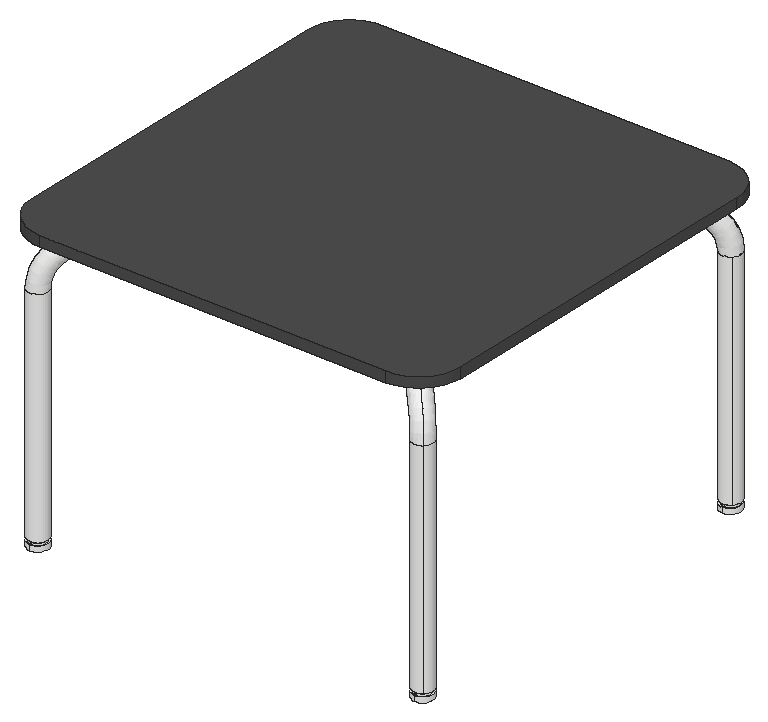
Revit family "Table-Teknion-CQTMS_Routes_Square_Meeting_Table-R2018", category Furniture, Revit 2018
Family settings
  OmniClass Number = 23.40.20.00
  OmniClass Title = General Furniture and Specialties
  Work Plane-Based = No
  Always vertical = Yes
  Cut with Voids When Loaded = No
  Shared = Yes
  Room Calculation Point = No
Parameters (values of type "42"d x 42"w")
  Warranty = "http://www.teknion.com/ca/papers/legal-canada"
  Unit Weight URL = "http://www.teknion.com/ca/tools/assets#&asset=bee6a381-b954-425e-8283-5a2de3a804f2,f828d448-4b62-4231-9e5f-9a8991c0ed77"
  URL = "www.teknion.com"
  To render please download texture images found here [instance] = "https://assets.teknion.com/web/5e81352c1dfdb467/revit-material-swatches/"
  Sustainability Data = "https://www.teknion.com/ca/tools/assets#&topic=216f99a5-57a0-44fc-b10a-9dee9b29ae4c&asset=444deb64-fe58-4b68-981e-f75e97781df7,b4ff2d81-9f2e-437d-9659-7cffb09c31cf"
  Surface Finish [instance] = Foundation Laminate-Teknion-6K-Matte-Black
  Series = "Routes"  # constant formula
  Product Page URL = "https://www.teknion.com/ca/products/all-products"
  Product Line = "Routes"  # constant formula
  Product Documentation Link = "https://assets.teknion.com/m/72af4764f50e983c/original/Routes-Reference-Guide.pdf"
  Part Number = "CQTMS"  # constant formula
  Model = "CQTMS4242"
  Manufacturer Phone = "416-661-3370"  # constant formula
  Manufacturer Fax = "416.661.4586"  # constant formula
  Manufacturer Contact Information = "http://www.teknion.com/ca/contactus"
  Manufacturer Address = "1150 Flint Road, Toronto, ON. M3J 2J5. Canada"  # constant formula
  Manufacturer = "Teknion"  # constant formula
  How To Use Teknion Materials User Guide [instance] = "https://assets.teknion.com/m/205dd0a49fa58060/original/How-to-add-a-Material-Library-and-Texture-Images-to-your-Revit-project.pdf"
  Frame Finish [instance] = Paint - Teknion - Mica - Very White
  For Additional Finishes please visit [instance] = "https://assets.teknion.com/m/44a8009b046e5d47/original/Teknion_Materials_Library.zip"
  Description = "Routes Square Meeting Table, 42\" Depth, 42\" Width"
  Assembly Code = "E2020200"
Reference planes (in)
  plane 1 "Center Front/Back": y = 0
  plane 2: z = 0
  plane 3 "Center Left/Right": x = 0
  plane 4 "Left": x = -21.1
  plane 5 "Right": x = 21.1
  plane 6 "Back": y = 21.1
  plane 7 "Front": y = -21.1
  plane 8 "Top": z = 29
  plane 9 "Leg Plane": through (-19.64876, -19.65151, 48) normal (-0.7071, 0.7071, 0)
Forms (in)
  Sweep 1, solid, material "Foundation Laminate-Teknion-6K-Matte-Black" <- "Surface Finish"
    path origin (0, 0, 0) x (1, 0, 0) y (0, 0, 1)
      loop
        line (0, 29) -> (0, 28)
    profile origin (0, 0, 28.5) x (0, -1, 0) y (1, 0, 0)
      loop
        line (-17, -21.1) -> (17, -21.1)
        arc (17, -21.1) -> (19.89914, -19.89914) -> (21.1, -17) r 4.1
        line (21.1, -17) -> (21.1, 17)
        arc (21.1, 17) -> (19.89914, 19.89914) -> (17, 21.1) r 4.1
        line (17, 21.1) -> (-17, 21.1)
        arc (-17, 21.1) -> (-19.89914, 19.89914) -> (-21.1, 17) r 4.1
        line (-21.1, 17) -> (-21.1, -17)
        arc (-21.1, -17) -> (-19.89914, -19.89914) -> (-17, -21.1) r 4.1
  Sweep 2, solid, material "Paint - Teknion - Mica - Very White" <- "Frame Finish"
    path origin (0.00138, -0.00138, 0) x (-0.707107, -0.707107, 0) y (0, 0, 1)
      loop
        arc (26.79163, 22.75) -> (25.62006, 25.57843) -> (22.79163, 26.75) r 4
        line (22.79163, 26.75) -> (4.00007, 26.75)
    profile origin (-9.47092, -9.47367, 26.75) x (0, 0, -1) y (-0.707107, 0.707107, 0)
      loop
        circle (0, 0.00442) r 0.97549
  Sweep 3, solid, material "Paint - Teknion - Mica - Very White" <- "Frame Finish"
    path in 3D
      loop
        line (-13.14273, 11.72852, 26.75) -> (-3.53558, 2.12137, 26.75)
        arc (-3.53558, 2.12137, 26.75) -> (-2.88527, 1.1481, 26.75) -> (-2.6569, 0.00005, 26.75) r 3
        arc (-2.6569, 0.00005, 26.75) -> (-2.88527, -1.1481, 26.75) -> (-3.53558, -2.12137, 26.75) r 3
    profile origin (-8.33916, 6.92494, 26.75) x (0, 0, 1) y (-0.707107, -0.707107, 0)
      loop
        circle (0, -1.00058) r 1
  Sweep 4, solid, material "Paint - Teknion - Mica - Very White" <- "Frame Finish"
    path in 3D
      loop
        arc (-19.57866, 18.28214, 22.75) -> (-18.75438, 17.45785, 25.56428) -> (-16.76438, 15.46785, 26.73) r 3.98
        line (-16.76438, 15.46785, 26.73) -> (-13.11217, 11.81565, 26.73)
    profile origin (-14.93828, 13.64175, 26.73) x (0.015422, 0.015422, -0.999762) y (0.706939, 0.706939, 0.02181)
      loop
        circle (0.00001, 0.91758) r 1
  Sweep 5, solid, material "Paint - Teknion - Mica - Very White" <- "Frame Finish"
    path in 3D
      loop
        line (-19.60695, 18.31042, 22.75) -> (-19.60695, 18.31042, 0.875)
    profile origin (-19.60695, 18.31042, 11.8125) x (0.722361, 0.691516, 0) y (-0.691516, 0.722361, 0)
      loop
        circle (0.9177, 0) r 0.9999
  Sweep 6, solid, material "Paint - Teknion - Mica - Very White" <- "Frame Finish"
    path in 3D
      loop
        line (18.23744, -19.65165, 0.875) -> (18.23744, -19.65165, 22.75)
    profile origin (18.23744, -19.65165, 11.8125) x (-0.707107, 0.707107, 0) y (-0.707107, -0.707107, 0)
      loop
        circle (0, -1.00247) r 0.97549
  Sweep 7, solid, material "Paint - Teknion - Mica - Very White" <- "Frame Finish"
    path origin (-0.00138, -0.00138, 0) x (0.707107, -0.707107, 0) y (0, 0, -1)
      loop
        arc (26.79163, -22.75) -> (25.62006, -25.57843) -> (22.79163, -26.75) r 4
        line (22.79163, -26.75) -> (4.00007, -26.75)
    profile origin (9.47092, -9.47367, 26.75) x (0, 0, 1) y (0.707107, 0.707107, 0)
      loop
        circle (0, 0.00136) r 1
  Sweep 8, solid, material "Paint - Teknion - Mica - Very White" <- "Frame Finish"
    path in 3D
      loop
        line (13.17102, 11.7568, 26.75) -> (3.53558, 2.12137, 26.75)
        arc (3.53558, 2.12137, 26.75) -> (2.88527, 1.1481, 26.75) -> (2.6569, 0.00005, 26.75) r 3
        arc (2.6569, 0.00005, 26.75) -> (2.88527, -1.1481, 26.75) -> (3.53558, -2.12137, 26.75) r 3
    profile origin (8.3533, 6.93909, 26.75) x (0, 0, -1) y (0.707107, -0.707107, 0)
      loop
        circle (0, -1.00058) r 1
  Sweep 9, solid, material "Paint - Teknion - Mica - Very White" <- "Frame Finish"
    path in 3D
      loop
        arc (19.57866, 18.28214, 22.75) -> (18.75438, 17.45785, 25.56428) -> (16.76438, 15.46785, 26.73) r 3.98
        line (16.76438, 15.46785, 26.73) -> (13.11217, 11.81565, 26.73)
    profile origin (14.93828, 13.64175, 26.73) x (0.015422, -0.015422, 0.999762) y (-0.706939, 0.706939, 0.02181)
      loop
        circle (-0.00001, 0.91758) r 1
  Sweep 10, solid, material "Paint - Teknion - Mica - Very White" <- "Frame Finish"
    path in 3D
      loop
        line (19.60695, 18.31042, 22.75) -> (19.60695, 18.31042, 0.875)
    profile origin (19.60695, 18.31042, 11.8125) x (-0.722361, 0.691516, 0) y (-0.691516, -0.722361, 0)
      loop
        circle (0.9177, 0) r 0.9999
  Sweep 11, solid, material "Paint - Teknion - Mica - Very White" <- "Frame Finish"
    path origin (0, 0, 0) x (1, 0, 0) y (0, 0, 1)
      loop
        line (0, 27.5) -> (0, 28)
    profile origin (0, 0, 27.75) x (-1, 0, 0) y (0, -1, 0)
      loop
        line (2.4069, -0.875) -> (2.4069, 0.875) -> (0.06315, 0.875) -> (0.06315, -0.875) -> (2.4069, -0.875)
      loop
        line (-2.4069, 0.875) -> (-2.4069, -0.875) -> (-0.06315, -0.875) -> (-0.06315, 0.875) -> (-2.4069, 0.875)
  SweptBlend 12, solid, material "Paint - Teknion - Mica - Very White" <- "Frame Finish"
    path origin (0, 0, 0) x (1, 0, 0) y (0, 0, 1)
      loop
        line (-14.63621, 27) -> (-14.63621, 27.66815)
    profile origin (-14.63621, 0, 27) x (-1, 0, 0) y (0, -1, 0)
      loop
        line (0.72867, -16.31947) -> (1.68327, -15.36488)
        arc (1.68327, -15.36488) -> (1.75649, -15.1881) -> (1.68327, -15.01133) r 0.25
        line (1.68327, -15.01133) -> (-0.37512, -12.95294)
        arc (-0.37512, -12.95294) -> (-0.5519, -12.87971) -> (-0.72867, -12.95294) r 0.25
        line (-0.72867, -12.95294) -> (-1.68327, -13.90753)
        arc (-1.68327, -13.90753) -> (-1.75649, -14.08431) -> (-1.68327, -14.26109) r 0.25
        line (-1.68327, -14.26109) -> (0.37512, -16.31947)
        arc (0.37512, -16.31947) -> (0.5519, -16.3927) -> (0.72867, -16.31947) r 0.25
    end profile origin (-14.63621, 0, 27.66815) x (-1, 0, 0) y (0, -1, 0)
      loop
        arc (3.06213, -15.04668) -> (3.2818, -14.51635) -> (3.06213, -13.98602) r 0.75
        line (3.06213, -13.98602) -> (0.65018, -11.57408)
        arc (0.65018, -11.57408) -> (0.11985, -11.35441) -> (-0.41048, -11.57408) r 0.75
        line (-0.41048, -11.57408) -> (-3.06213, -14.22573)
        arc (-3.06213, -14.22573) -> (-3.2818, -14.75606) -> (-3.06213, -15.28639) r 0.75
        line (-3.06213, -15.28639) -> (-0.65018, -17.69833)
        arc (-0.65018, -17.69833) -> (-0.11985, -17.918) -> (0.41048, -17.69833) r 0.75
        line (0.41048, -17.69833) -> (3.06213, -15.04668)
  SweptBlend 13, solid, material "Paint - Teknion - Mica - Very White" <- "Frame Finish"
    path origin (0, 0, 0) x (-1, 0, 0) y (0, 0, 1)
      loop
        line (-14.63621, 27) -> (-14.63621, 27.66815)
    profile origin (14.63621, 0, 27) x (-1, 0, 0) y (0, -1, 0)
      loop
        arc (-0.72867, -16.31947) -> (-0.5519, -16.3927) -> (-0.37512, -16.31947) r 0.25
        line (-0.37512, -16.31947) -> (1.68327, -14.26109)
        arc (1.68327, -14.26109) -> (1.75649, -14.08431) -> (1.68327, -13.90753) r 0.25
        line (1.68327, -13.90753) -> (0.72867, -12.95294)
        arc (0.72867, -12.95294) -> (0.5519, -12.87971) -> (0.37512, -12.95294) r 0.25
        line (0.37512, -12.95294) -> (-1.68327, -15.01133)
        arc (-1.68327, -15.01133) -> (-1.75649, -15.1881) -> (-1.68327, -15.36488) r 0.25
        line (-1.68327, -15.36488) -> (-0.72867, -16.31947)
    end profile origin (14.63621, 0, 27.66815) x (-1, 0, 0) y (0, -1, 0)
      loop
        line (-3.06213, -15.04668) -> (-0.41048, -17.69833)
        arc (-0.41048, -17.69833) -> (0.11985, -17.918) -> (0.65018, -17.69833) r 0.75
        line (0.65018, -17.69833) -> (3.06213, -15.28639)
        arc (3.06213, -15.28639) -> (3.2818, -14.75606) -> (3.06213, -14.22573) r 0.75
        line (3.06213, -14.22573) -> (0.41048, -11.57408)
        arc (0.41048, -11.57408) -> (-0.11985, -11.35441) -> (-0.65018, -11.57408) r 0.75
        line (-0.65018, -11.57408) -> (-3.06213, -13.98602)
        arc (-3.06213, -13.98602) -> (-3.2818, -14.51635) -> (-3.06213, -15.04668) r 0.75
  SweptBlend 14, solid, material "Paint - Teknion - Mica - Very White" <- "Frame Finish"
    path origin (0, 0, 0) x (1, 0, 0) y (0, 0, -1)
      loop
        line (-14.63621, -27) -> (-14.63621, -27.66815)
    profile origin (-14.63621, 0, 27) x (1, 0, 0) y (0, 1, 0)
      loop
        arc (-0.72867, -16.31947) -> (-0.5519, -16.3927) -> (-0.37512, -16.31947) r 0.25
        line (-0.37512, -16.31947) -> (1.68327, -14.26109)
        arc (1.68327, -14.26109) -> (1.75649, -14.08431) -> (1.68327, -13.90753) r 0.25
        line (1.68327, -13.90753) -> (0.72867, -12.95294)
        arc (0.72867, -12.95294) -> (0.5519, -12.87971) -> (0.37512, -12.95294) r 0.25
        line (0.37512, -12.95294) -> (-1.68327, -15.01133)
        arc (-1.68327, -15.01133) -> (-1.75649, -15.1881) -> (-1.68327, -15.36488) r 0.25
        line (-1.68327, -15.36488) -> (-0.72867, -16.31947)
    end profile origin (-14.63621, 0, 27.66815) x (1, 0, 0) y (0, 1, 0)
      loop
        line (-3.06213, -15.04668) -> (-0.41048, -17.69833)
        arc (-0.41048, -17.69833) -> (0.11985, -17.918) -> (0.65018, -17.69833) r 0.75
        line (0.65018, -17.69833) -> (3.06213, -15.28639)
        arc (3.06213, -15.28639) -> (3.2818, -14.75606) -> (3.06213, -14.22573) r 0.75
        line (3.06213, -14.22573) -> (0.41048, -11.57408)
        arc (0.41048, -11.57408) -> (-0.11985, -11.35441) -> (-0.65018, -11.57408) r 0.75
        line (-0.65018, -11.57408) -> (-3.06213, -13.98602)
        arc (-3.06213, -13.98602) -> (-3.2818, -14.51635) -> (-3.06213, -15.04668) r 0.75
  SweptBlend 15, solid, material "Paint - Teknion - Mica - Very White" <- "Frame Finish"
    path origin (0, 0, 0) x (-1, 0, 0) y (0, 0, 1)
      loop
        line (-14.63621, 27) -> (-14.63621, 27.66815)
    profile origin (14.63621, 0, 27) x (1, 0, 0) y (0, 1, 0)
      loop
        line (0.72867, -16.31947) -> (1.68327, -15.36488)
        arc (1.68327, -15.36488) -> (1.75649, -15.1881) -> (1.68327, -15.01133) r 0.25
        line (1.68327, -15.01133) -> (-0.37512, -12.95294)
        arc (-0.37512, -12.95294) -> (-0.5519, -12.87971) -> (-0.72867, -12.95294) r 0.25
        line (-0.72867, -12.95294) -> (-1.68327, -13.90753)
        arc (-1.68327, -13.90753) -> (-1.75649, -14.08431) -> (-1.68327, -14.26109) r 0.25
        line (-1.68327, -14.26109) -> (0.37512, -16.31947)
        arc (0.37512, -16.31947) -> (0.5519, -16.3927) -> (0.72867, -16.31947) r 0.25
    end profile origin (14.63621, 0, 27.66815) x (1, 0, 0) y (0, 1, 0)
      loop
        arc (3.06213, -15.04668) -> (3.2818, -14.51635) -> (3.06213, -13.98602) r 0.75
        line (3.06213, -13.98602) -> (0.65018, -11.57408)
        arc (0.65018, -11.57408) -> (0.11985, -11.35441) -> (-0.41048, -11.57408) r 0.75
        line (-0.41048, -11.57408) -> (-3.06213, -14.22573)
        arc (-3.06213, -14.22573) -> (-3.2818, -14.75606) -> (-3.06213, -15.28639) r 0.75
        line (-3.06213, -15.28639) -> (-0.65018, -17.69833)
        arc (-0.65018, -17.69833) -> (-0.11985, -17.918) -> (0.41048, -17.69833) r 0.75
        line (0.41048, -17.69833) -> (3.06213, -15.04668)
  Sweep 16, solid, material "Paint - Teknion - Mica - Very White" <- "Frame Finish"
    path origin (18.94294, 0, 0) x (1, 0, 0) y (0, 0, 1)
      loop
        line (-37.88749, 0.8325) -> (-37.88749, 0.66075)
    profile origin (-18.94454, 0, 0.74662) x (0, -1, 0) y (1, 0, 0)
      loop
        circle (-18.94259, 0.0006) r 0.46956
  Sweep 17, solid, material "Paint - Teknion - Mica - Very White" <- "Frame Finish"
    path origin (18.94294, 0, 0) x (1, 0, 0) y (0, 0, 1)
      loop
        line (-37.88749, 0.53575) -> (-37.88749, 0.0625)
    profile origin (-18.94454, 0, 0.29912) x (0, -1, 0) y (1, 0, 0)
      loop
        circle (-18.94259, 0.0006) r 1
  Sweep 18, solid, material "Paint - Teknion - Mica - Very White" <- "Frame Finish"
    path origin (18.94294, 0, -0.17175) x (1, 0, 0) y (0, 0, 1)
      loop
        line (-37.88749, 0.8325) -> (-37.88749, 0.7075)
    profile origin (-18.94454, 0, 0.59825) x (0, -1, 0) y (1, 0, 0)
      loop
        circle (-18.94259, 0.0006) r 0.77651
  Sweep 19, solid, material "Paint - Teknion - Mica - Very White" <- "Frame Finish"
    path origin (18.94294, 0, -0.7075) x (1, 0, 0) y (0, 0, 1)
      loop
        line (-37.88749, 0.8325) -> (-37.88749, 0.7075)
    profile origin (-18.94454, 0, 0.0625) x (0, -1, 0) y (1, 0, 0)
      loop
        circle (-18.94259, 0.0006) r 0.84765
  Sweep 20, solid, material "Paint - Teknion - Mica - Very White" <- "Frame Finish"
    path origin (-18.94294, 0, 0) x (-1, 0, 0) y (0, 0, 1)
      loop
        line (-37.88749, 0.8325) -> (-37.88749, 0.66075)
    profile origin (18.94454, 0, 0.74662) x (0, -1, 0) y (1, 0, 0)
      loop
        circle (-18.94259, -0.0006) r 0.46956
  Sweep 21, solid, material "Paint - Teknion - Mica - Very White" <- "Frame Finish"
    path origin (-18.94294, 0, 0) x (-1, 0, 0) y (0, 0, 1)
      loop
        line (-37.88749, 0.53575) -> (-37.88749, 0.0625)
    profile origin (18.94454, 0, 0.29912) x (0, -1, 0) y (1, 0, 0)
      loop
        circle (-18.94259, -0.0006) r 1
  Sweep 22, solid, material "Paint - Teknion - Mica - Very White" <- "Frame Finish"
    path origin (-18.94294, 0, -0.17175) x (-1, 0, 0) y (0, 0, 1)
      loop
        line (-37.88749, 0.8325) -> (-37.88749, 0.7075)
    profile origin (18.94454, 0, 0.59825) x (0, -1, 0) y (1, 0, 0)
      loop
        circle (-18.94259, -0.0006) r 0.77651
  Sweep 23, solid, material "Paint - Teknion - Mica - Very White" <- "Frame Finish"
    path origin (-18.94294, 0, -0.7075) x (-1, 0, 0) y (0, 0, 1)
      loop
        line (-37.88749, 0.8325) -> (-37.88749, 0.7075)
    profile origin (18.94454, 0, 0.0625) x (0, -1, 0) y (1, 0, 0)
      loop
        circle (-18.94259, -0.0006) r 0.84765
  Sweep 24, solid, material "Paint - Teknion - Mica - Very White" <- "Frame Finish"
    path in 3D
      loop
        line (-19.60695, -18.31042, 22.75) -> (-19.60695, -18.31042, 0.875)
    profile origin (-19.60695, -18.31042, 11.8125) x (0.722361, -0.691516, 0) y (0.691516, 0.722361, 0)
      loop
        circle (0.91453, 0.00005) r 0.97549
  Sweep 25, solid, material "Paint - Teknion - Mica - Very White" <- "Frame Finish"
    path origin (18.94294, 0, 0) x (1, 0, 0) y (0, 0, -1)
      loop
        line (-37.88749, -0.8325) -> (-37.88749, -0.66075)
    profile origin (-18.94454, 0, 0.74662) x (0, 1, 0) y (-1, 0, 0)
      loop
        circle (-18.94259, -0.0006) r 0.46956
  Sweep 26, solid, material "Paint - Teknion - Mica - Very White" <- "Frame Finish"
    path origin (18.94294, 0, 0) x (1, 0, 0) y (0, 0, -1)
      loop
        line (-37.88749, -0.53575) -> (-37.88749, -0.0625)
    profile origin (-18.94454, 0, 0.29912) x (0, 1, 0) y (-1, 0, 0)
      loop
        circle (-18.94259, -0.0006) r 1
  Sweep 27, solid, material "Paint - Teknion - Mica - Very White" <- "Frame Finish"
    path origin (18.94294, 0, -0.17175) x (1, 0, 0) y (0, 0, -1)
      loop
        line (-37.88749, -0.8325) -> (-37.88749, -0.7075)
    profile origin (-18.94454, 0, 0.59825) x (0, 1, 0) y (-1, 0, 0)
      loop
        circle (-18.94259, -0.0006) r 0.77651
  Sweep 28, solid, material "Paint - Teknion - Mica - Very White" <- "Frame Finish"
    path origin (18.94294, 0, -0.7075) x (1, 0, 0) y (0, 0, -1)
      loop
        line (-37.88749, -0.8325) -> (-37.88749, -0.7075)
    profile origin (-18.94454, 0, 0.0625) x (0, 1, 0) y (-1, 0, 0)
      loop
        circle (-18.94259, -0.0006) r 0.84765
  Sweep 29, solid, material "Paint - Teknion - Mica - Very White" <- "Frame Finish"
    path origin (-18.94294, 0, 0) x (-1, 0, 0) y (0, 0, 1)
      loop
        line (-37.88749, 0.8325) -> (-37.88749, 0.66075)
    profile origin (18.94454, 0, 0.74662) x (0, 1, 0) y (-1, 0, 0)
      loop
        circle (-18.94259, 0.0006) r 0.46956
  Sweep 30, solid, material "Paint - Teknion - Mica - Very White" <- "Frame Finish"
    path origin (-18.94294, 0, 0) x (-1, 0, 0) y (0, 0, 1)
      loop
        line (-37.88749, 0.53575) -> (-37.88749, 0.0625)
    profile origin (18.94454, 0, 0.29912) x (0, 1, 0) y (-1, 0, 0)
      loop
        circle (-18.94259, 0.0006) r 1
  Sweep 31, solid, material "Paint - Teknion - Mica - Very White" <- "Frame Finish"
    path origin (-18.94294, 0, -0.17175) x (-1, 0, 0) y (0, 0, 1)
      loop
        line (-37.88749, 0.8325) -> (-37.88749, 0.7075)
    profile origin (18.94454, 0, 0.59825) x (0, 1, 0) y (-1, 0, 0)
      loop
        circle (-18.94259, 0.0006) r 0.77651
  Sweep 32, solid, material "Paint - Teknion - Mica - Very White" <- "Frame Finish"
    path origin (-18.94294, 0, -0.7075) x (-1, 0, 0) y (0, 0, 1)
      loop
        line (-37.88749, 0.8325) -> (-37.88749, 0.7075)
    profile origin (18.94454, 0, 0.0625) x (0, 1, 0) y (-1, 0, 0)
      loop
        circle (-18.94259, 0.0006) r 0.84765
  Sweep 33, solid, material "Paint - Teknion - Mica - Very White" <- "Frame Finish"
    path origin (0, 0, 0) x (1, 0, 0) y (0, 0, 1)
      loop
        line (0, 28) -> (0, 27.66815)
    profile origin (0, 0, 27.83407) x (0, -1, 0) y (1, 0, 0)
      loop
        line (-15.28639, -11.57408) -> (-17.69833, -13.98602)
        arc (-17.69833, -13.98602) -> (-17.918, -14.51635) -> (-17.69833, -15.04668) r 0.75
        line (-17.69833, -15.04668) -> (-15.04668, -17.69833)
        arc (-15.04668, -17.69833) -> (-14.51635, -17.918) -> (-13.98602, -17.69833) r 0.75
        line (-13.98602, -17.69833) -> (-11.57408, -15.28639)
        arc (-11.57408, -15.28639) -> (-11.35441, -14.75606) -> (-11.57408, -14.22573) r 0.75
        line (-11.57408, -14.22573) -> (-14.22573, -11.57408)
        arc (-14.22573, -11.57408) -> (-14.75606, -11.35441) -> (-15.28639, -11.57408) r 0.75
      loop
        arc (-15.28639, 11.57408) -> (-14.75606, 11.35441) -> (-14.22573, 11.57408) r 0.75
        line (-14.22573, 11.57408) -> (-11.57408, 14.22573)
        arc (-11.57408, 14.22573) -> (-11.35441, 14.75606) -> (-11.57408, 15.28639) r 0.75
        line (-11.57408, 15.28639) -> (-13.98602, 17.69833)
        arc (-13.98602, 17.69833) -> (-14.51635, 17.918) -> (-15.04668, 17.69833) r 0.75
        line (-15.04668, 17.69833) -> (-17.69833, 15.04668)
        arc (-17.69833, 15.04668) -> (-17.918, 14.51635) -> (-17.69833, 13.98602) r 0.75
        line (-17.69833, 13.98602) -> (-15.28639, 11.57408)
      loop
        arc (15.28639, -11.57408) -> (14.75606, -11.35441) -> (14.22573, -11.57408) r 0.75
        line (14.22573, -11.57408) -> (11.57408, -14.22573)
        arc (11.57408, -14.22573) -> (11.35441, -14.75606) -> (11.57408, -15.28639) r 0.75
        line (11.57408, -15.28639) -> (13.98602, -17.69833)
        arc (13.98602, -17.69833) -> (14.51635, -17.918) -> (15.04668, -17.69833) r 0.75
        line (15.04668, -17.69833) -> (17.69833, -15.04668)
        arc (17.69833, -15.04668) -> (17.918, -14.51635) -> (17.69833, -13.98602) r 0.75
        line (17.69833, -13.98602) -> (15.28639, -11.57408)
      loop
        line (15.28639, 11.57408) -> (17.69833, 13.98602)
        arc (17.69833, 13.98602) -> (17.918, 14.51635) -> (17.69833, 15.04668) r 0.75
        line (17.69833, 15.04668) -> (15.04668, 17.69833)
        arc (15.04668, 17.69833) -> (14.51635, 17.918) -> (13.98602, 17.69833) r 0.75
        line (13.98602, 17.69833) -> (11.57408, 15.28639)
        arc (11.57408, 15.28639) -> (11.35441, 14.75606) -> (11.57408, 14.22573) r 0.75
        line (11.57408, 14.22573) -> (14.22573, 11.57408)
        arc (14.22573, 11.57408) -> (14.75606, 11.35441) -> (15.28639, 11.57408) r 0.75
Lines and regions (in)
  Masking region 1
    outline origin (0, 0, 0) x (1, 0, 0) y (0, 1, 0)
      loop
        line (-21.1, 17) -> (-21.1, -17)
        arc (-21.1, -17) -> (-19.89914, -19.89914) -> (-17, -21.1) r 4.1
        line (-17, -21.1) -> (17, -21.1)
        arc (17, -21.1) -> (19.89914, -19.89914) -> (21.1, -17) r 4.1
        line (21.1, -17) -> (21.1, 17)
        arc (21.1, 17) -> (19.89914, 19.89914) -> (17, 21.1) r 4.1
        line (17, 21.1) -> (-17, 21.1)
        arc (-17, 21.1) -> (-19.89914, 19.89914) -> (-21.1, 17) r 4.1
  sketch lines
    curve 1: line (-13.14273, 11.72852, 26.75) -> (-3.53558, 2.12137, 26.75)
    curve 2: arc (-3.53558, 2.12137, 26.75) -> (-2.88527, 1.1481, 26.75) -> (-2.6569, 0.00005, 26.75) r 3
    curve 3: arc (-2.6569, -0.00005, 26.75) -> (-2.88527, -1.1481, 26.75) -> (-3.53558, -2.12137, 26.75) r 3
    curve 4: line (-16.76438, 15.46785, 26.73) -> (-13.11217, 11.81565, 26.73)
    curve 5: arc (-19.57866, 18.28214, 22.75) -> (-18.75438, 17.45785, 25.56428) -> (-16.76438, 15.46785, 26.73) r 3.98
    curve 6: line (-19.60695, 18.31042, 22.75) -> (-19.60695, 18.31042, 0.875)
    curve 7: line (18.23744, -19.65165, 0.875) -> (18.23744, -19.65165, 22.75)
    curve 8: line (13.17102, 11.7568, 26.75) -> (3.53558, 2.12137, 26.75)
    curve 9: arc (3.53558, 2.12137, 26.75) -> (2.88527, 1.1481, 26.75) -> (2.6569, 0.00005, 26.75) r 3
    curve 10: arc (2.6569, -0.00005, 26.75) -> (2.88527, -1.1481, 26.75) -> (3.53558, -2.12137, 26.75) r 3
    curve 11: line (16.76438, 15.46785, 26.73) -> (13.11217, 11.81565, 26.73)
    curve 12: arc (19.57866, 18.28214, 22.75) -> (18.75438, 17.45785, 25.56428) -> (16.76438, 15.46785, 26.73) r 3.98
    curve 13: line (19.60695, 18.31042, 22.75) -> (19.60695, 18.31042, 0.875)
    curve 14: line (-19.60695, -18.31042, 22.75) -> (-19.60695, -18.31042, 0.875)
  symbolic lines, style "FurnitureHiddenLines", detail levels medium+fine
    curve 15: line (-19.65009, 18.23735, 0) -> (-3.45457, 2.04183, 0)
    curve 16: line (-18.25216, 19.66688, 0) -> (-2.02972, 3.44444, 0)
    curve 17: arc (-2.02972, 3.44444, 0) -> (-0.61089, -0.05948, 0) -> (-2.14045, -3.5165, 0) r 4.84628
    curve 18: arc (-3.52, -2.13695, 0) -> (-2.67317, -0.06031, 0) -> (-3.45457, 2.04183, 0) r 3.0886
    curve 19: line (-3.52, -2.13695, 0) -> (-19.63607, -18.25302, 0)
    curve 20: line (-2.14045, -3.5165, 0) -> (-18.25652, -19.63257, 0)
    curve 21: arc (-19.63607, -18.25302, 0) -> (-19.63607, -19.63257, 0) -> (-18.25652, -19.63257, 0) r 0.97549
    curve 22: arc (-19.65009, 18.23735, 0) -> (-19.65794, 19.64331, 0) -> (-18.25216, 19.66688, 0) r 0.99978
    curve 26: arc (19.63607, -18.25302, 0) -> (19.63607, -19.63257, 0) -> (18.25652, -19.63257, 0) r 0.97549
    curve 30: arc (-19.63607, 18.25302, 0) -> (-19.63607, 19.63257, 0) -> (-18.25652, 19.63257, 0) r 0.97549
    curve 34: arc (19.63607, 18.25302, 0) -> (19.63607, 19.63257, 0) -> (18.25652, 19.63257, 0) r 0.97549
    curve 38: line (-15.04668, 17.69833, 0) -> (-17.69833, 15.04668, 0)
    curve 39: line (-11.57408, 15.28639, 0) -> (-13.98602, 17.69833, 0)
    curve 40: line (-14.22573, 11.57408, 0) -> (-11.57408, 14.22573, 0)
    curve 41: line (-17.69833, 13.98602, 0) -> (-15.28639, 11.57408, 0)
    curve 42: arc (-17.69833, 15.04668, 0) -> (-17.918, 14.51635, 0) -> (-17.69833, 13.98602, 0) r 0.75
    curve 43: arc (-13.98602, 17.69833, 0) -> (-14.51635, 17.918, 0) -> (-15.04668, 17.69833, 0) r 0.75
    curve 44: arc (-11.57408, 14.22573, 0) -> (-11.35441, 14.75606, 0) -> (-11.57408, 15.28639, 0) r 0.75
    curve 45: arc (-15.28639, 11.57408, 0) -> (-14.75606, 11.35441, 0) -> (-14.22573, 11.57408, 0) r 0.75
    curve 46: line (13.98602, 17.69833, 0) -> (11.57408, 15.28639, 0)
    curve 47: arc (15.04668, 17.69833, 0) -> (14.51635, 17.918, 0) -> (13.98602, 17.69833, 0) r 0.75
    curve 48: line (17.69833, 15.04668, 0) -> (15.04668, 17.69833, 0)
    curve 49: arc (17.69833, 13.98602, 0) -> (17.918, 14.51635, 0) -> (17.69833, 15.04668, 0) r 0.75
    curve 50: line (15.28639, 11.57408, 0) -> (17.69833, 13.98602, 0)
    curve 51: arc (14.22573, 11.57408, 0) -> (14.75606, 11.35441, 0) -> (15.28639, 11.57408, 0) r 0.75
    curve 52: line (11.57408, 14.22573, 0) -> (14.22573, 11.57408, 0)
    curve 53: arc (11.57408, 15.28639, 0) -> (11.35441, 14.75606, 0) -> (11.57408, 14.22573, 0) r 0.75
    curve 54: line (-15.28639, -11.57408, 0) -> (-17.69833, -13.98602, 0)
    curve 55: arc (-14.22573, -11.57408, 0) -> (-14.75606, -11.35441, 0) -> (-15.28639, -11.57408, 0) r 0.75
    curve 56: line (-11.57408, -14.22573, 0) -> (-14.22573, -11.57408, 0)
    curve 57: arc (-11.57408, -15.28639, 0) -> (-11.35441, -14.75606, 0) -> (-11.57408, -14.22573, 0) r 0.75
    curve 58: line (-13.98602, -17.69833, 0) -> (-11.57408, -15.28639, 0)
    curve 59: arc (-15.04668, -17.69833, 0) -> (-14.51635, -17.918, 0) -> (-13.98602, -17.69833, 0) r 0.75
    curve 60: line (-17.69833, -15.04668, 0) -> (-15.04668, -17.69833, 0)
    curve 61: arc (-17.69833, -13.98602, 0) -> (-17.918, -14.51635, 0) -> (-17.69833, -15.04668, 0) r 0.75
    curve 62: line (14.22573, -11.57408, 0) -> (11.57408, -14.22573, 0)
    curve 63: arc (15.28639, -11.57408, 0) -> (14.75606, -11.35441, 0) -> (14.22573, -11.57408, 0) r 0.75
    curve 64: line (17.69833, -13.98602, 0) -> (15.28639, -11.57408, 0)
    curve 65: arc (17.69833, -15.04668, 0) -> (17.918, -14.51635, 0) -> (17.69833, -13.98602, 0) r 0.75
    curve 66: line (15.04668, -17.69833, 0) -> (17.69833, -15.04668, 0)
    curve 67: arc (13.98602, -17.69833, 0) -> (14.51635, -17.918, 0) -> (15.04668, -17.69833, 0) r 0.75
    curve 68: line (11.57408, -15.28639, 0) -> (13.98602, -17.69833, 0)
    curve 69: arc (11.57408, -14.22573, 0) -> (11.35441, -14.75606, 0) -> (11.57408, -15.28639, 0) r 0.75
    curve 102: line (19.65009, 18.23735, 0) -> (3.45457, 2.04183, 0)
    curve 103: line (18.25216, 19.66688, 0) -> (2.02972, 3.44444, 0)
    curve 104: arc (2.02972, 3.44444, 0) -> (0.61089, -0.05948, 0) -> (2.14045, -3.5165, 0) r 4.84628
    curve 105: arc (3.52, -2.13695, 0) -> (2.67317, -0.06031, 0) -> (3.45457, 2.04183, 0) r 3.0886
    curve 106: line (3.52, -2.13695, 0) -> (19.63607, -18.25302, 0)
    curve 107: line (2.14045, -3.5165, 0) -> (18.25652, -19.63257, 0)
    curve 108: arc (19.65009, 18.23735, 0) -> (19.65794, 19.64331, 0) -> (18.25216, 19.66688, 0) r 0.99978
  symbolic lines, style "FurnitureHiddenLines", detail levels fine
    curve 23: circle (-18.94395, -18.9467, 0) r 1.00198 normal (0, 0, 1)
    curve 24: circle (-18.94395, -18.9467, 0) r 0.47169 normal (0, 0, 1)
    curve 25: arc (-18.25652, -19.63257, 0) -> (-18.25652, -18.25302, 0) -> (-19.63607, -18.25302, 0) r 0.97549
    curve 27: circle (18.94395, -18.9467, 0) r 1.00198 normal (0, 0, -1)
    curve 28: circle (18.94395, -18.9467, 0) r 0.47169 normal (0, 0, -1)
    curve 29: arc (18.25652, -19.63257, 0) -> (18.25652, -18.25302, 0) -> (19.63607, -18.25302, 0) r 0.97549
    curve 31: circle (-18.94395, 18.9467, 0) r 1.00198 normal (0, 0, -1)
    curve 32: circle (-18.94395, 18.9467, 0) r 0.47169 normal (0, 0, -1)
    curve 33: arc (-18.25652, 19.63257, 0) -> (-18.25652, 18.25302, 0) -> (-19.63607, 18.25302, 0) r 0.97549
    curve 35: circle (18.94395, 18.9467, 0) r 1.00198 normal (0, 0, 1)
    curve 36: circle (18.94395, 18.9467, 0) r 0.47169 normal (0, 0, 1)
    curve 37: arc (18.25652, 19.63257, 0) -> (18.25652, 18.25302, 0) -> (19.63607, 18.25302, 0) r 0.97549
    curve 70: line (-16.31947, 15.36488, 0) -> (-15.36488, 16.31947, 0)
    curve 71: line (-15.01133, 16.31947, 0) -> (-12.95294, 14.26109, 0)
    curve 72: line (-12.95294, 13.90753, 0) -> (-13.90753, 12.95294, 0)
    curve 73: line (-14.26109, 12.95294, 0) -> (-16.31947, 15.01133, 0)
    curve 74: arc (-16.31947, 15.01133, 0) -> (-16.3927, 15.1881, 0) -> (-16.31947, 15.36488, 0) r 0.25
    curve 75: arc (-15.36488, 16.31947, 0) -> (-15.1881, 16.3927, 0) -> (-15.01133, 16.31947, 0) r 0.25
    curve 76: arc (-12.95294, 14.26109, 0) -> (-12.87971, 14.08431, 0) -> (-12.95294, 13.90753, 0) r 0.25
    curve 77: arc (-13.90753, 12.95294, 0) -> (-14.08431, 12.87971, 0) -> (-14.26109, 12.95294, 0) r 0.25
    curve 78: line (16.31947, 15.01133, 0) -> (14.26109, 12.95294, 0)
    curve 79: line (15.36488, 16.31947, 0) -> (16.31947, 15.36488, 0)
    curve 80: arc (16.31947, 15.36488, 0) -> (16.3927, 15.1881, 0) -> (16.31947, 15.01133, 0) r 0.25
    curve 81: arc (15.01133, 16.31947, 0) -> (15.1881, 16.3927, 0) -> (15.36488, 16.31947, 0) r 0.25
    curve 82: line (12.95294, 14.26109, 0) -> (15.01133, 16.31947, 0)
    curve 83: arc (12.95294, 13.90753, 0) -> (12.87971, 14.08431, 0) -> (12.95294, 14.26109, 0) r 0.25
    curve 84: line (13.90753, 12.95294, 0) -> (12.95294, 13.90753, 0)
    curve 85: arc (14.26109, 12.95294, 0) -> (14.08431, 12.87971, 0) -> (13.90753, 12.95294, 0) r 0.25
    curve 86: line (-16.31947, -15.36488, 0) -> (-15.36488, -16.31947, 0)
    curve 87: line (-15.01133, -16.31947, 0) -> (-12.95294, -14.26109, 0)
    curve 88: line (-12.95294, -13.90753, 0) -> (-13.90753, -12.95294, 0)
    curve 89: line (-14.26109, -12.95294, 0) -> (-16.31947, -15.01133, 0)
    curve 90: arc (-16.31947, -15.01133, 0) -> (-16.3927, -15.1881, 0) -> (-16.31947, -15.36488, 0) r 0.25
    curve 91: arc (-15.36488, -16.31947, 0) -> (-15.1881, -16.3927, 0) -> (-15.01133, -16.31947, 0) r 0.25
    curve 92: arc (-12.95294, -14.26109, 0) -> (-12.87971, -14.08431, 0) -> (-12.95294, -13.90753, 0) r 0.25
    curve 93: arc (-13.90753, -12.95294, 0) -> (-14.08431, -12.87971, 0) -> (-14.26109, -12.95294, 0) r 0.25
    curve 94: line (16.31947, -15.01133, 0) -> (14.26109, -12.95294, 0)
    curve 95: line (15.36488, -16.31947, 0) -> (16.31947, -15.36488, 0)
    curve 96: arc (16.31947, -15.36488, 0) -> (16.3927, -15.1881, 0) -> (16.31947, -15.01133, 0) r 0.25
    curve 97: arc (15.01133, -16.31947, 0) -> (15.1881, -16.3927, 0) -> (15.36488, -16.31947, 0) r 0.25
    curve 98: line (12.95294, -14.26109, 0) -> (15.01133, -16.31947, 0)
    curve 99: arc (12.95294, -13.90753, 0) -> (12.87971, -14.08431, 0) -> (12.95294, -14.26109, 0) r 0.25
    curve 100: line (13.90753, -12.95294, 0) -> (12.95294, -13.90753, 0)
    curve 101: arc (14.26109, -12.95294, 0) -> (14.08431, -12.87971, 0) -> (13.90753, -12.95294, 0) r 0.25
    curve 109: arc (18.25652, -19.63257, 0) -> (18.25652, -18.25302, 0) -> (19.63607, -18.25302, 0) r 0.97549
Dimensions and locks (in)
  locked: plane 4 "Left" to plane 5 "Right" at 42.2
  locked: plane 6 "Back" to plane 7 "Front" at 42.2
  locked: plane 8 "Top" to level at 29
  equal spacing: plane 7 "Front", plane 1 "Center Front/Back", plane 6 "Back"
  equal spacing: plane 4 "Left", plane 3 "Center Left/Right", plane 5 "Right"
  locked: plane 8 "Top" to Sweep 1 sketch curve at 1
  locked: plane 4 "Left" to Sweep 1 sketch curve at 4.1  (x2)
  locked: plane 6 "Back" to Sweep 1 sketch curve at 4.1  (x2)
  locked: Sweep 1 sketch curve to plane 5 "Right" at 4.1  (x2)
  locked: plane 7 "Front" to Sweep 1 sketch curve at 4.1  (x2)
  aligned and locked: level to plane 2
  aligned and locked: plane 8 "Top" to Sweep 1 sketch curve
  aligned and locked: Sweep 1 sketch curve to plane 6 "Back"
  aligned and locked: Sweep 1 sketch curve to plane 5 "Right"
  aligned and locked: Sweep 1 sketch curve to plane 7 "Front"
Automatic sketch dimensions
  Sweep 1 sketch curve to plane 3 "Center Left/Right" = 0.000"
  Sweep 2 sketch curve to plane 8 "Top" = 6.250"
  Sweep 2 sketch curve to plane 8 "Top" = 2.250"
  Sweep 2 sketch curve to Sweep 2 sketch curve = 18.79156"
  Sweep 2 sketch curve to Sweep 2 sketch curve = 0.000"  (x2)
  profile plane to Sweep 2 sketch curve = 0.000"
  plane 9 "Leg Plane" to Sweep 2 sketch curve = 0.00442"
  Sweep 2 sketch curve to Sweep 2 sketch curve = 0.97549"
  profile plane to Sweep 3 sketch curve = 0.000"
  Sweep 3 sketch curve to profile plane = 1.00058"
  Sweep 4 sketch curve to Sweep 4 sketch curve = 0.000"  (x2)
  Sweep 4 sketch curve to profile plane = 0.00001"
  profile plane to Sweep 4 sketch curve = 0.91758"
  profile plane to Sweep 4 sketch curve = 0.99975"
  profile plane to Sweep 4 sketch curve = 0.89577"
  Sweep 4 sketch curve to profile plane = 0.99977"
  profile plane to Sweep 5 sketch curve = 0.000"
  profile plane to Sweep 5 sketch curve = 0.9177"
  Sweep 7 sketch curve to plane 8 "Top" = 6.250"
  Sweep 7 sketch curve to plane 9 "Leg Plane" = 22.78968"
  Sweep 7 sketch curve to plane 8 "Top" = 2.250"
  Sweep 7 sketch curve to plane 9 "Leg Plane" = 3.99812"
  Sweep 8 sketch curve to profile plane = 0.000"
  Sweep 8 sketch curve to profile plane = 1.00058"
  Sweep 9 sketch curve to Sweep 9 sketch curve = 0.000"  (x2)
  profile plane to Sweep 9 sketch curve = 0.00001"
  profile plane to Sweep 9 sketch curve = 0.91758"
  profile plane to Sweep 9 sketch curve = 0.99977"
  profile plane to Sweep 9 sketch curve = 0.93939"
  Sweep 9 sketch curve to profile plane = 0.99975"
  Sweep 10 sketch curve to profile plane = 0.000"
  profile plane to Sweep 10 sketch curve = 0.9177"
  Sweep 11 sketch curve to plane 3 "Center Left/Right" = 0.000"
  Sweep 11 sketch curve to plane 8 "Top" = 1.500"
  Sweep 11 sketch curve to Sweep 11 sketch curve = 0.500"
  Sweep 11 sketch curve to plane 1 "Center Front/Back" = 0.875"
  profile plane to Sweep 11 sketch curve = 2.4069"
  profile plane to Sweep 11 sketch curve = 0.06315"
  Sweep 11 sketch curve to profile plane = 0.06315"
  plane 1 "Center Front/Back" to Sweep 11 sketch curve = 0.875"
  Sweep 11 sketch curve to Sweep 11 sketch curve = 2.34375"
  Sweep 11 sketch curve to Sweep 11 sketch curve = 0.000"  (x2)
  SweptBlend 12 sketch curve to plane 8 "Top" = 1.33185"
  plane 4 "Left" to SweptBlend 12 sketch curve = 6.46379"
  SweptBlend 12 sketch curve to SweptBlend 12 sketch curve = 0.66815"
  profile plane to SweptBlend 12 sketch curve = 1.68327"
  SweptBlend 12 sketch curve to SweptBlend 12 sketch curve = 0.000"  (x2)
  SweptBlend 12 sketch curve to SweptBlend 12 sketch curve = 0.17678"  (x11)
  profile plane to SweptBlend 12 sketch curve = 0.72867"
  SweptBlend 12 sketch curve to profile plane = 0.37512"
  SweptBlend 12 sketch curve to SweptBlend 12 sketch curve = 0.95459"  (x3)
  SweptBlend 12 sketch curve to plane 1 "Center Front/Back" = 16.31947"
  SweptBlend 12 sketch curve to SweptBlend 12 sketch curve = 2.05839"
  profile plane to SweptBlend 12 sketch curve = 3.06213"
  SweptBlend 12 sketch curve to SweptBlend 12 sketch curve = 0.53033"  (x7)
  profile plane to SweptBlend 12 sketch curve = 0.65018"
  profile plane to SweptBlend 12 sketch curve = 0.41048"
  profile plane to SweptBlend 12 sketch curve = 0.11985"
  SweptBlend 12 sketch curve to profile plane = 0.11985"
  SweptBlend 12 sketch curve to profile plane = 0.41048"
  SweptBlend 12 sketch curve to profile plane = 0.65018"
  SweptBlend 12 sketch curve to profile plane = 2.5318"
  SweptBlend 12 sketch curve to plane 1 "Center Front/Back" = 17.69833"
  SweptBlend 12 sketch curve to SweptBlend 12 sketch curve = 2.41194"  (x2)
  SweptBlend 12 sketch curve to SweptBlend 12 sketch curve = 2.65165"
  plane 8 "Top" to SweptBlend 13 sketch curve = 1.33185"
  SweptBlend 13 sketch curve to plane 5 "Right" = 6.46379"
  SweptBlend 13 sketch curve to SweptBlend 13 sketch curve = 0.66815"
  profile plane to SweptBlend 13 sketch curve = 1.68327"
  SweptBlend 13 sketch curve to SweptBlend 13 sketch curve = 0.000"  (x2)
  SweptBlend 13 sketch curve to SweptBlend 13 sketch curve = 0.17678"  (x11)
  profile plane to SweptBlend 13 sketch curve = 0.72867"
  SweptBlend 13 sketch curve to profile plane = 0.37512"
  SweptBlend 13 sketch curve to SweptBlend 13 sketch curve = 0.95459"  (x3)
  SweptBlend 13 sketch curve to plane 1 "Center Front/Back" = 16.31947"
  SweptBlend 13 sketch curve to SweptBlend 13 sketch curve = 2.05839"
  profile plane to SweptBlend 13 sketch curve = 3.06213"
  SweptBlend 13 sketch curve to SweptBlend 13 sketch curve = 0.53033"  (x7)
  profile plane to SweptBlend 13 sketch curve = 0.65018"
  profile plane to SweptBlend 13 sketch curve = 0.41048"
  profile plane to SweptBlend 13 sketch curve = 0.11985"
  SweptBlend 13 sketch curve to profile plane = 0.11985"
  SweptBlend 13 sketch curve to profile plane = 0.41048"
  SweptBlend 13 sketch curve to profile plane = 0.65018"
  SweptBlend 13 sketch curve to profile plane = 2.5318"
  SweptBlend 13 sketch curve to plane 1 "Center Front/Back" = 17.69833"
  SweptBlend 13 sketch curve to SweptBlend 13 sketch curve = 2.41194"  (x2)
  SweptBlend 13 sketch curve to SweptBlend 13 sketch curve = 2.65165"
  SweptBlend 14 sketch curve to plane 8 "Top" = 1.33185"
  plane 4 "Left" to SweptBlend 14 sketch curve = 6.46379"
  SweptBlend 14 sketch curve to SweptBlend 14 sketch curve = 0.66815"
  profile plane to SweptBlend 14 sketch curve = 1.68327"
  SweptBlend 14 sketch curve to SweptBlend 14 sketch curve = 0.000"  (x2)
  SweptBlend 14 sketch curve to SweptBlend 14 sketch curve = 0.17678"  (x11)
  profile plane to SweptBlend 14 sketch curve = 0.72867"
  SweptBlend 14 sketch curve to profile plane = 0.37512"
  SweptBlend 14 sketch curve to SweptBlend 14 sketch curve = 0.95459"  (x3)
  SweptBlend 14 sketch curve to profile plane = 16.31947"
  SweptBlend 14 sketch curve to SweptBlend 14 sketch curve = 2.05839"
  profile plane to SweptBlend 14 sketch curve = 3.06213"
  SweptBlend 14 sketch curve to SweptBlend 14 sketch curve = 0.53033"  (x7)
  profile plane to SweptBlend 14 sketch curve = 0.65018"
  profile plane to SweptBlend 14 sketch curve = 0.41048"
  profile plane to SweptBlend 14 sketch curve = 0.11985"
  SweptBlend 14 sketch curve to profile plane = 0.11985"
  SweptBlend 14 sketch curve to profile plane = 0.41048"
  SweptBlend 14 sketch curve to profile plane = 0.65018"
  SweptBlend 14 sketch curve to profile plane = 2.5318"
  SweptBlend 14 sketch curve to profile plane = 17.69833"
  SweptBlend 14 sketch curve to SweptBlend 14 sketch curve = 2.41194"  (x2)
  SweptBlend 14 sketch curve to SweptBlend 14 sketch curve = 2.65165"
  SweptBlend 15 sketch curve to plane 8 "Top" = 1.33185"
  plane 5 "Right" to SweptBlend 15 sketch curve = 6.46379"
  SweptBlend 15 sketch curve to SweptBlend 15 sketch curve = 0.66815"
  profile plane to SweptBlend 15 sketch curve = 1.68327"
  SweptBlend 15 sketch curve to SweptBlend 15 sketch curve = 0.000"  (x2)
  SweptBlend 15 sketch curve to SweptBlend 15 sketch curve = 0.17678"  (x11)
  profile plane to SweptBlend 15 sketch curve = 0.72867"
  SweptBlend 15 sketch curve to profile plane = 0.37512"
  SweptBlend 15 sketch curve to SweptBlend 15 sketch curve = 0.95459"  (x3)
  SweptBlend 15 sketch curve to profile plane = 16.31947"
  SweptBlend 15 sketch curve to SweptBlend 15 sketch curve = 2.05839"
  profile plane to SweptBlend 15 sketch curve = 3.06213"
  SweptBlend 15 sketch curve to SweptBlend 15 sketch curve = 0.53033"  (x7)
  profile plane to SweptBlend 15 sketch curve = 0.65018"
  profile plane to SweptBlend 15 sketch curve = 0.41048"
  profile plane to SweptBlend 15 sketch curve = 0.11985"
  SweptBlend 15 sketch curve to profile plane = 0.11985"
  SweptBlend 15 sketch curve to profile plane = 0.41048"
  SweptBlend 15 sketch curve to profile plane = 0.65018"
  SweptBlend 15 sketch curve to profile plane = 2.5318"
  SweptBlend 15 sketch curve to profile plane = 17.69833"
  SweptBlend 15 sketch curve to SweptBlend 15 sketch curve = 2.41194"  (x2)
  SweptBlend 15 sketch curve to SweptBlend 15 sketch curve = 2.65165"
  level to Sweep 16 sketch curve = 0.66075"
  plane 4 "Left" to Sweep 16 sketch curve = 2.15546"
  Sweep 16 sketch curve to Sweep 16 sketch curve = 0.17175"
  Sweep 16 sketch curve to profile plane = 0.0006"
  Sweep 16 sketch curve to plane 1 "Center Front/Back" = 18.94259"
  level to Sweep 17 sketch curve = 0.0625"
  plane 4 "Left" to Sweep 17 sketch curve = 2.15546"
  Sweep 17 sketch curve to Sweep 17 sketch curve = 0.47325"
  Sweep 17 sketch curve to profile plane = 0.0006"
  Sweep 17 sketch curve to plane 1 "Center Front/Back" = 18.94259"
  level to Sweep 18 sketch curve = 0.53575"
  plane 4 "Left" to Sweep 18 sketch curve = 2.15546"
  Sweep 18 sketch curve to Sweep 18 sketch curve = 0.125"
  Sweep 18 sketch curve to profile plane = 0.0006"
  Sweep 18 sketch curve to plane 1 "Center Front/Back" = 18.94259"
  Sweep 19 sketch curve to level = 0.000"
  plane 4 "Left" to Sweep 19 sketch curve = 2.15546"
  Sweep 19 sketch curve to Sweep 19 sketch curve = 0.125"
  Sweep 19 sketch curve to profile plane = 0.0006"
  Sweep 19 sketch curve to plane 1 "Center Front/Back" = 18.94259"
  Sweep 20 sketch curve to level = 0.66075"
  Sweep 20 sketch curve to plane 5 "Right" = 2.15546"
  Sweep 20 sketch curve to Sweep 20 sketch curve = 0.17175"
  profile plane to Sweep 20 sketch curve = 0.0006"
  Sweep 20 sketch curve to plane 1 "Center Front/Back" = 18.94259"
  Sweep 21 sketch curve to level = 0.0625"
  Sweep 21 sketch curve to plane 5 "Right" = 2.15546"
  Sweep 21 sketch curve to Sweep 21 sketch curve = 0.47325"
  profile plane to Sweep 21 sketch curve = 0.0006"
  Sweep 21 sketch curve to plane 1 "Center Front/Back" = 18.94259"
  Sweep 22 sketch curve to level = 0.53575"
  Sweep 22 sketch curve to plane 5 "Right" = 2.15546"
  Sweep 22 sketch curve to Sweep 22 sketch curve = 0.125"
  profile plane to Sweep 22 sketch curve = 0.0006"
  Sweep 22 sketch curve to plane 1 "Center Front/Back" = 18.94259"
  Sweep 23 sketch curve to level = 0.000"
  Sweep 23 sketch curve to plane 5 "Right" = 2.15546"
  Sweep 23 sketch curve to Sweep 23 sketch curve = 0.125"
  profile plane to Sweep 23 sketch curve = 0.0006"
  Sweep 23 sketch curve to plane 1 "Center Front/Back" = 18.94259"
  level to Sweep 25 sketch curve = 0.66075"
  plane 4 "Left" to Sweep 25 sketch curve = 2.15546"
  Sweep 25 sketch curve to Sweep 25 sketch curve = 0.17175"
  profile plane to Sweep 25 sketch curve = 0.0006"
  Sweep 25 sketch curve to profile plane = 18.94259"
  level to Sweep 26 sketch curve = 0.0625"
  plane 4 "Left" to Sweep 26 sketch curve = 2.15546"
  Sweep 26 sketch curve to Sweep 26 sketch curve = 0.47325"
  profile plane to Sweep 26 sketch curve = 0.0006"
  Sweep 26 sketch curve to profile plane = 18.94259"
  level to Sweep 27 sketch curve = 0.53575"
  plane 4 "Left" to Sweep 27 sketch curve = 2.15546"
  Sweep 27 sketch curve to Sweep 27 sketch curve = 0.125"
  profile plane to Sweep 27 sketch curve = 0.0006"
  Sweep 27 sketch curve to profile plane = 18.94259"
  Sweep 28 sketch curve to level = 0.000"
  plane 4 "Left" to Sweep 28 sketch curve = 2.15546"
  Sweep 28 sketch curve to Sweep 28 sketch curve = 0.125"
  profile plane to Sweep 28 sketch curve = 0.0006"
  Sweep 28 sketch curve to profile plane = 18.94259"
  level to Sweep 29 sketch curve = 0.66075"
  plane 5 "Right" to Sweep 29 sketch curve = 2.15546"
  Sweep 29 sketch curve to Sweep 29 sketch curve = 0.17175"
  Sweep 29 sketch curve to profile plane = 0.0006"
  Sweep 29 sketch curve to profile plane = 18.94259"
  level to Sweep 30 sketch curve = 0.0625"
  plane 5 "Right" to Sweep 30 sketch curve = 2.15546"
  Sweep 30 sketch curve to Sweep 30 sketch curve = 0.47325"
  Sweep 30 sketch curve to profile plane = 0.0006"
  Sweep 30 sketch curve to profile plane = 18.94259"
  level to Sweep 31 sketch curve = 0.53575"
  plane 5 "Right" to Sweep 31 sketch curve = 2.15546"
  Sweep 31 sketch curve to Sweep 31 sketch curve = 0.125"
  Sweep 31 sketch curve to profile plane = 0.0006"
  Sweep 31 sketch curve to profile plane = 18.94259"
  Sweep 32 sketch curve to level = 0.000"
  plane 5 "Right" to Sweep 32 sketch curve = 2.15546"
  Sweep 32 sketch curve to Sweep 32 sketch curve = 0.125"
  Sweep 32 sketch curve to profile plane = 0.0006"
  Sweep 32 sketch curve to profile plane = 18.94259"
  Sweep 33 sketch curve to plane 3 "Center Left/Right" = 0.000"
  Sweep 33 sketch curve to plane 8 "Top" = 1.33185"
  Sweep 33 sketch curve to Sweep 33 sketch curve = 0.33185"
  Sweep 33 sketch curve to plane 1 "Center Front/Back" = 17.69833"  (x2)
  Sweep 33 sketch curve to Sweep 33 sketch curve = 0.000"  (x4)
  Sweep 33 sketch curve to Sweep 33 sketch curve = 0.53033"  (x44)
  Sweep 33 sketch curve to Sweep 33 sketch curve = 2.41194"  (x16)
  Sweep 33 sketch curve to Sweep 33 sketch curve = 2.65165"  (x8)
  plane 1 "Center Front/Back" to Sweep 33 sketch curve = 11.57408"  (x2)
  profile plane to Sweep 33 sketch curve = 17.69833"  (x2)
  Sweep 33 sketch curve to profile plane = 11.57408"  (x2)
  Sweep 24 sketch curve to Sweep 24 sketch curve = 0.000"  (x2)
  Sweep 24 sketch curve to profile plane = 0.00005"
  profile plane to Sweep 24 sketch curve = 0.91453"
  profile plane to Sweep 24 sketch curve = 0.89325"
  profile plane to Sweep 24 sketch curve = 0.9358"
  profile plane to Sweep 24 sketch curve = 0.9752"
  Sweep 6 sketch curve to Sweep 6 sketch curve = 0.000"  (x2)
  profile plane to Sweep 6 sketch curve = 0.000"
  Sweep 6 sketch curve to profile plane = 1.00247"
  profile plane to Sweep 6 sketch curve = 0.97549"
  Sweep 7 sketch curve to Sweep 7 sketch curve = 0.000"  (x2)
  Sweep 7 sketch curve to profile plane = 0.000"
  profile plane to Sweep 7 sketch curve = 0.00136"
  profile plane to Sweep 7 sketch curve = 1.000"
  Masking region 1 sketch curve to plane 4 "Left" = 0.000"
  Masking region 1 sketch curve to plane 6 "Back" = 0.000"
  plane 4 "Left" to Masking region 1 sketch curve = 4.100"  (x2)
  plane 5 "Right" to Masking region 1 sketch curve = 4.100"
  Masking region 1 sketch curve to plane 5 "Right" = 0.000"
  Masking region 1 sketch curve to plane 7 "Front" = 4.100"
  plane 7 "Front" to Masking region 1 sketch curve = 0.000"
  curve 21 to curve 25 = 0.000"  (x2)
  curve 23 to curve 24 = 0.000"  (x2)
  curve 26 to curve 29 = 0.000"  (x2)
  curve 26 to curve 109 = 0.000"  (x2)
  curve 27 to curve 28 = 0.000"  (x2)
  curve 29 to curve 109 = 0.000"  (x2)
  curve 30 to curve 33 = 0.000"  (x2)
  curve 31 to curve 32 = 0.000"  (x2)
  curve 34 to curve 37 = 0.000"  (x2)
  curve 35 to curve 36 = 0.000"  (x2)
  curve 23 to plane 9 "Leg Plane" = 0.000"
  plane 4 "Left" to curve 15 = 1.44991"
  plane 4 "Left" to curve 19 = 1.46393"
  curve 19 to curve 25 = 0.68977"
  curve 22 to curve 33 = 0.70379"
  curve 30 to curve 32 = 0.00235"
  curve 21 to curve 23 = 0.00235"
  curve 31 to curve 22 = 0.00081"
  curve 20 to plane 7 "Front" = 1.46743"
  curve 23 to curve 20 = 0.68743"
  curve 16 to plane 6 "Back" = 1.43312"
  curve 31 to curve 16 = 0.69179"
  plane 4 "Left" to curve 38 = 3.40167"
  plane 4 "Left" to curve 60 = 3.40167"
  curve 54 to curve 60 = 0.000"
  curve 41 to curve 38 = 0.000"
  curve 41 to curve 42 = 0.53033"  (x2)
  curve 60 to curve 61 = 0.53033"  (x2)
  curve 61 to curve 86 = 0.84853"
  curve 89 to curve 86 = 0.000"
  curve 42 to curve 73 = 0.84853"
  curve 70 to curve 74 = 0.000"
  curve 86 to curve 90 = 0.17678"  (x2)
  curve 70 to curve 74 = 0.17678"
  curve 90 to curve 86 = 0.95459"
  curve 74 to curve 70 = 0.95459"
  curve 42 to curve 41 = 2.41194"
  curve 61 to curve 54 = 2.41194"
  curve 91 to curve 91 = 0.17678"  (x2)
  curve 75 to curve 75 = 0.17678"
  curve 86 to curve 60 = 0.3182"
  curve 70 to curve 38 = 0.3182"
  curve 91 to curve 87 = 0.17678"
  curve 75 to curve 71 = 0.17678"  (x2)
  curve 54 to curve 55 = 0.53033"
  curve 41 to curve 45 = 0.53033"  (x2)
  curve 60 to curve 59 = 0.53033"  (x2)
  curve 38 to curve 43 = 0.53033"
  curve 55 to curve 89 = 0.49497"
  curve 45 to curve 73 = 0.49497"
  curve 55 to curve 56 = 0.53033"  (x2)
  curve 45 to curve 40 = 0.53033"
  curve 73 to curve 77 = 0.17678"  (x2)
  curve 89 to curve 93 = 0.17678"
  curve 58 to plane 7 "Front" = 3.40167"
  curve 59 to curve 58 = 0.53033"
  curve 39 to plane 6 "Back" = 3.40167"
  curve 43 to curve 39 = 0.53033"
  curve 93 to curve 88 = 0.17678"
  curve 77 to curve 72 = 0.17678"
  curve 77 to curve 76 = 0.95459"
  curve 93 to curve 92 = 0.95459"
  curve 76 to curve 71 = 0.17678"
  curve 92 to curve 88 = 0.17678"
  curve 76 to curve 72 = 0.17678"
  curve 92 to curve 87 = 0.17678"
  curve 71 to curve 44 = 0.84853"
  curve 87 to curve 57 = 0.84853"
  curve 56 to plane 7 "Front" = 6.87427"
  curve 57 to curve 56 = 0.53033"
  curve 57 to curve 58 = 0.53033"
  curve 39 to plane 6 "Back" = 5.81361"
  curve 44 to curve 39 = 0.53033"
  curve 40 to plane 6 "Back" = 6.87427"
  curve 44 to curve 40 = 0.53033"
  plane 1 "Center Front/Back" to curve 18 = 0.01195"
  curve 18 to plane 3 "Center Left/Right" = 5.76139"
  curve 17 to plane 1 "Center Front/Back" = 0.0176"
  curve 18 to curve 17 = 0.30484"
  curve 17 to curve 19 = 1.93655"
  curve 17 to curve 15 = 2.00198"
  curve 18 to curve 20 = 1.37955"
  curve 15 to curve 16 = 1.42485"
  plane 3 "Center Left/Right" to curve 103 = 2.02972"
  plane 3 "Center Left/Right" to curve 107 = 2.14045"
  curve 102 to plane 1 "Center Front/Back" = 2.04183"
  curve 103 to curve 102 = 1.42485"
  curve 107 to curve 106 = 1.37955"  (x2)
  curve 104 to plane 1 "Center Front/Back" = 0.0176"
  curve 102 to curve 104 = 2.00198"
  plane 1 "Center Front/Back" to curve 105 = 0.01195"
  curve 104 to curve 105 = 0.30484"
  plane 5 "Right" to curve 68 = 9.52592"
  plane 5 "Right" to curve 46 = 9.52592"
  curve 52 to curve 46 = 0.000"
  curve 62 to curve 68 = 0.000"
  curve 62 to curve 69 = 0.53033"
  curve 52 to curve 53 = 0.53033"  (x2)
  curve 69 to curve 100 = 0.84853"
  curve 98 to curve 100 = 0.000"
  curve 53 to curve 84 = 0.84853"
  curve 82 to curve 84 = 0.000"
  curve 98 to curve 99 = 0.17678"  (x2)
  curve 84 to curve 83 = 0.17678"  (x2)
  curve 83 to curve 84 = 0.95459"
  curve 99 to curve 100 = 0.95459"
  curve 68 to plane 7 "Front" = 3.40167"
  curve 69 to curve 68 = 2.41194"
  curve 53 to curve 46 = 2.41194"
  curve 85 to curve 85 = 0.17678"  (x2)
  curve 100 to curve 101 = 0.17678"
  curve 101 to curve 62 = 0.3182"
  curve 85 to curve 52 = 0.3182"
  curve 85 to curve 78 = 0.17678"
  curve 101 to curve 94 = 0.17678"
  curve 68 to curve 67 = 0.53033"  (x2)
  curve 46 to curve 47 = 0.53033"
  curve 62 to curve 63 = 0.53033"
  curve 52 to curve 51 = 0.53033"  (x2)
  curve 47 to curve 82 = 0.49497"
  curve 67 to curve 98 = 0.49497"
  curve 66 to plane 7 "Front" = 3.40167"
  curve 47 to curve 48 = 0.53033"
  curve 97 to curve 97 = 0.17678"  (x2)
  curve 82 to curve 81 = 0.17678"
  curve 51 to curve 50 = 0.53033"
  curve 63 to curve 64 = 0.53033"
  curve 81 to curve 79 = 0.17678"
  curve 97 to curve 95 = 0.17678"
  curve 81 to curve 80 = 0.95459"
  curve 97 to curve 96 = 0.95459"
  curve 80 to curve 79 = 0.17678"
  curve 96 to curve 94 = 0.17678"
  curve 80 to curve 78 = 0.17678"
  curve 96 to curve 95 = 0.17678"
  curve 94 to curve 65 = 0.84853"
  curve 78 to curve 49 = 0.84853"
  curve 65 to curve 66 = 0.53033"
  curve 49 to curve 48 = 0.53033"
  curve 65 to curve 64 = 0.53033"
  curve 49 to curve 50 = 0.53033"
  plane 5 "Right" to curve 103 = 2.84784"
  plane 5 "Right" to curve 107 = 2.84348"
  curve 103 to curve 108 = 0.69098"
  curve 108 to curve 36 = 0.00081"
  curve 29 to curve 28 = 0.68743"
  curve 27 to curve 26 = 0.00235"
  curve 108 to curve 34 = 0.00316"
  curve 29 to curve 106 = 0.68977"
  curve 37 to curve 102 = 0.70379"
  curve 107 to plane 7 "Front" = 1.46743"
  curve 29 to curve 27 = 0.68587"
  curve 27 to curve 109 = 0.0039"
  curve 23 to curve 25 = 0.0039"
  curve 67 to curve 95 = 0.84853"
  curve 59 to curve 86 = 0.84853"
  curve 97 to curve 95 = 0.95459"
  curve 91 to curve 86 = 0.95459"
  curve 58 to curve 57 = 1.06066"
  curve 68 to curve 68 = 2.41194"
  curve 96 to curve 96 = 0.17678"
  curve 66 to curve 96 = 0.03536"
  curve 60 to curve 90 = 0.03536"
  curve 68 to curve 69 = 0.53033"
  curve 65 to curve 65 = 0.53033"
  curve 57 to curve 87 = 0.49497"
  curve 69 to curve 98 = 0.49497"
  curve 92 to curve 92 = 0.17678"
  curve 99 to curve 101 = 0.95459"
  curve 92 to curve 93 = 0.95459"
  curve 93 to curve 89 = 0.17678"
  curve 101 to curve 100 = 0.17678"
  curve 101 to curve 63 = 0.84853"
  curve 93 to curve 55 = 0.84853"
  curve 63 to curve 62 = 0.53033"
  plane 1 "Center Front/Back" to curve 20 = 3.5165"
  curve 20 to curve 19 = 1.37955"
  curve 50 to plane 6 "Back" = 9.52592"
  curve 40 to curve 40 = 2.65165"
  curve 51 to curve 84 = 0.84853"
  curve 45 to curve 72 = 0.84853"
  curve 84 to curve 84 = 0.95459"
  curve 72 to curve 44 = 0.84853"
  curve 41 to curve 41 = 2.41194"
  curve 50 to curve 50 = 2.41194"
  curve 72 to curve 76 = 0.17678"
  curve 52 to curve 83 = 0.03536"
  curve 49 to curve 49 = 0.53033"
  curve 42 to curve 73 = 0.49497"
